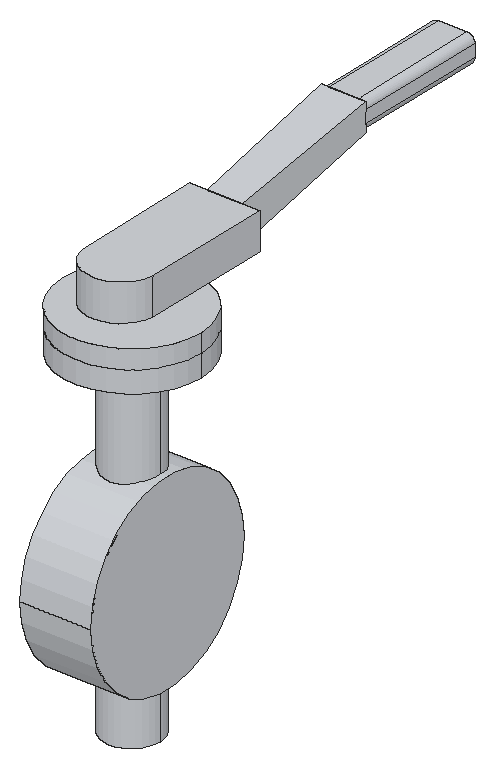
Revit family "HS497-67_disk-litina-s pákou DN080-RFA_2019", category Pipe Accessories, Revit 2019
Family settings
  Round Connector Dimension = Use Diameter
  Part Type = Valve - Breaks Into
  Work Plane-Based = No
  Always vertical = Yes
  Cut with Voids When Loaded = No
  Shared = No
Parameters (values of type "HS 497-67_DN080_PN16_s pákou")
  magiProductId = "e414795fab0f4eccb99bc3572c5477"
  magiProductFamilyId = "53cea81e6f374d17b8841d9c72ad77"
  magiPartTypeId = 305
  isMeasuringValve [instance] = no
  ang2D [instance] = 0.00°
  X11 = 61.456 mm
  X1 = 25.456 mm
  W2D = 1000 mm
  VersionID = "2.0/2017.9.26.1/ZETKAMA_497_001"
  Use Minimum Symbol Size [instance] = yes
  URL = "http://www.hydronix.cz"
  Type Comments = "mezipřírubová; litinový disk; PN16; -10~+110°C (krátkodobě +120°C)"
  SW30 = no
  SW3 = no
  SW21 = no
  SW20 = yes
  SW2 = yes
  SW1 = no
  R = 40 mm
  QmdConnectorList = "301;D;302;D"
  Productdata [instance] = ""
  NC = 50 mm
  Model = ""
  Manufacturer = "Hydronix"  # constant formula
  MM20 = 25.456 mm
  MC Product Code = "120 080 (litinový disk, s pákou; DN80; PN16, kvs258)"
  M41 = 66 mm
  M4 = 44 mm
  LHL = 260 mm
  LHH3 = 3 mm
  LHH1 = 57 mm
  LH1 = 86.667 mm
  L4R__ve = -L4R  # -12.8 mm
  L4R = 12.8 mm
  L42__ve = -L42  # -96 mm
  L42 = 96 mm
  L41__ve = -L41  # -19.2 mm
  L41 = 19.2 mm
  L2D_Min = 3048 mm
  L2D = 216 mm
  L2 = 23 mm
  L1 = 36.8 mm
  L = 46 mm
  H = 30 mm
  G22 = 11.25 mm
  G2 = 22.5 mm
  G1 = 90 mm
  G = 90 mm
  F = 11 mm
  E44 = 31.25 mm
  E42 = 62.5 mm
  E4 = 125 mm
  E23 = 6 mm
  E22 = 24 mm
  E21 = 12 mm
  Description = "Mezipřírubová uzavírací klapka s pákou; litinový disk, DN80; PN16; kvs258"
  DR2 = 40 mm
  DR = 124 mm
  DD1 = 15.625 mm
  DD = 12.5 mm
  D = 80 mm
  CAT0 = yes
  B2__ve = -B2  # -54 mm
  B2 = 54 mm
  A2 = 14.1 mm
  A1 = 86.9 mm
Types (43, lengths in mm): name | magiProductId | X11 | X1 | Type Comments | SW30 | SW3 | SW20 | SW2 | SW1 | R | NC | MM20 | MC Product Code | M41 | M4 | LHL | LHH3 | LHH1 | LH1 | L4R__ve | L4R | L42__ve | L42 | L41__ve | L41 | L2 | L1 | L | H | G | F | E44 | E42 | E4 | E23 | E22 | E21 | Description | DR2 | DR | DD1 | DD | D | B2__ve | B2 | A2 | A1
  HS 497-67_DN100_PN16_volné vřeteno | "65d1b245f4f142c78569c0602d5754" | 61.456 | 25.456 | "mezipřírubová; litinový disk; PN16; -10~+110°C (krátkodobě +120°C)" | no | no | no | no | yes | 50 | 50 | 25.456 | "123 100 (litinový disk, s volným vřetenem; DN100; PN16, kvs512)" | 66 | 44 | 220 | 2.45 | 46.55 | 73.333 | -12.8 | 12.8 | -96 | 96 | -19.2 | 19.2 | 26 | 41.6 | 52 | 30 | 90 | 11 | 31.25 | 62.5 | 125 | 4.9 | 19.6 | 9.8 | "Mezipřírubová uzavírací klapka s volným vřetenem; litinový disk, DN100; PN16; kvs512" | 50 | 147 | 15.625 | 12.5 | 100 | -56 | 56 | 16.5 | 98.5
  HS 497-67_DN100_PN16_převodové kolo | "11e91b807e674d428c8e796fcdcfe2" | 61.456 | 25.456 | "mezipřírubová; litinový disk; PN16; -10~+110°C (krátkodobě +120°C)" | yes | yes | no | no | no | 50 | 50 | 25.456 | "125 100 (litinový disk, s převodovým kolem; DN100; PN16, kvs512)" | 65.25 | 43.5 | 220 | 2.45 | 46.55 | 73.333 | -12.8 | 12.8 | -96 | 96 | -19.2 | 19.2 | 26 | 41.6 | 52 | 30 | 90 | 11 | 31.25 | 62.5 | 125 | 4.9 | 19.6 | 9.8 | "Mezipřírubová uzavírací klapka s převodovým kolem; litinový disk, DN100; PN16; kvs512" | 50 | 147 | 15.625 | 12.5 | 100 | -56 | 56 | 16.5 | 98.5
  HS 497-67_DN100_PN16_s pákou | "28172f0b3f4b47b28323ac71cf8749" | 61.456 | 25.456 | "mezipřírubová; litinový disk; PN16; -10~+110°C (krátkodobě +120°C)" | no | no | yes | yes | no | 50 | 50 | 25.456 | "120 100 (litinový disk, s pákou; DN100; PN16, kvs512)" | 66 | 44 | 260 | 3 | 57 | 86.667 | -12.8 | 12.8 | -96 | 96 | -19.2 | 19.2 | 26 | 41.6 | 52 | 30 | 90 | 11 | 31.25 | 62.5 | 125 | 6 | 24 | 12 | "Mezipřírubová uzavírací klapka s pákou; litinový disk, DN100; PN16; kvs512" | 50 | 147 | 15.625 | 12.5 | 100 | -56 | 56 | 16.5 | 98.5
  HS 497-67_DN125_PN16_volné vřeteno | "0d813d910fc14f628bb3c2efbd185c" | 61.456 | 25.456 | "mezipřírubová; litinový disk; PN16; -10~+110°C (krátkodobě +120°C)" | no | no | no | no | yes | 62.5 | 50 | 25.456 | "123 125 (litinový disk, s volným vřetenem; DN125; PN16, kvs872)" | 66 | 44 | 220 | 2.45 | 46.55 | 73.333 | -12.8 | 12.8 | -96 | 96 | -19.2 | 19.2 | 28 | 44.8 | 56 | 33 | 90 | 14 | 31.25 | 62.5 | 125 | 4.9 | 19.6 | 9.8 | "Mezipřírubová uzavírací klapka s volným vřetenem; litinový disk, DN125; PN16; kvs872" | 62.5 | 180 | 15.625 | 12.5 | 125 | -64 | 64 | 18 | 99.5
  HS 497-67_DN125_PN16_převodové kolo | "c56b7c13f372467684996fb1e0e229" | 61.456 | 25.456 | "mezipřírubová; litinový disk; PN16; -10~+110°C (krátkodobě +120°C)" | yes | yes | no | no | no | 62.5 | 50 | 25.456 | "125 125 (litinový disk, s převodovým kolem; DN125; PN16, kvs872)" | 65.25 | 43.5 | 220 | 2.45 | 46.55 | 73.333 | -13.5 | 13.5 | -101.25 | 101.25 | -20.25 | 20.25 | 28 | 44.8 | 56 | 33 | 90 | 14 | 40 | 80 | 160 | 4.9 | 19.6 | 9.8 | "Mezipřírubová uzavírací klapka s převodovým kolem; litinový disk, DN125; PN16; kvs872" | 62.5 | 180 | 20 | 16 | 125 | -64 | 64 | 18 | 99.5
  HS 497-67_DN125_PN16_s pákou | "105993c79a91492399feef7931321a" | 61.456 | 25.456 | "mezipřírubová; litinový disk; PN16; -10~+110°C (krátkodobě +120°C)" | no | no | yes | yes | no | 62.5 | 50 | 25.456 | "120 125 (litinový disk, s pákou; DN125; PN16, kvs872)" | 66 | 44 | 315 | 3.75 | 71.25 | 105 | -12.8 | 12.8 | -96 | 96 | -19.2 | 19.2 | 28 | 44.8 | 56 | 33 | 90 | 14 | 31.25 | 62.5 | 125 | 7.5 | 30 | 15 | "Mezipřírubová uzavírací klapka s pákou; litinový disk, DN125; PN16; kvs872" | 62.5 | 180 | 15.625 | 12.5 | 125 | -64 | 64 | 18 | 99.5
  HS 497-67_DN150_PN16_volné vřeteno | "50c80cb8ab434f55ab7796e5ac1331" | 61.456 | 25.456 | "mezipřírubová; litinový disk; PN16; -10~+110°C (krátkodobě +120°C)" | no | no | no | no | yes | 75 | 50 | 25.456 | "123 150 (litinový disk, s volným vřetenem; DN150; PN16, kvs1347)" | 66 | 44 | 220 | 2.45 | 46.55 | 73.333 | -12.8 | 12.8 | -96 | 96 | -19.2 | 19.2 | 28 | 44.8 | 56 | 33 | 90 | 14 | 31.25 | 62.5 | 125 | 4.9 | 19.6 | 9.8 | "Mezipřírubová uzavírací klapka s volným vřetenem; litinový disk, DN150; PN16; kvs1347" | 75 | 206 | 15.625 | 12.5 | 150 | -58 | 58 | 19.3 | 98.7
  HS 497-67_DN150_PN16_převodové kolo | "d94a1a0cf83b476eb10011b327f709" | 61.456 | 25.456 | "mezipřírubová; litinový disk; PN16; -10~+110°C (krátkodobě +120°C)" | yes | yes | no | no | no | 75 | 50 | 25.456 | "125 150 (litinový disk, s převodovým kolem; DN150; PN16, kvs1347)" | 65.25 | 43.5 | 220 | 2.45 | 46.55 | 73.333 | -13.5 | 13.5 | -101.25 | 101.25 | -20.25 | 20.25 | 28 | 44.8 | 56 | 33 | 90 | 14 | 40 | 80 | 160 | 4.9 | 19.6 | 9.8 | "Mezipřírubová uzavírací klapka s převodovým kolem; litinový disk, DN150; PN16; kvs1347" | 75 | 206 | 20 | 16 | 150 | -58 | 58 | 19.3 | 98.7
  HS 497-67_DN150_PN16_s pákou | "4d2835523fe84828bc50ff0a5a0dfb" | 61.456 | 25.456 | "mezipřírubová; litinový disk; PN16; -10~+110°C (krátkodobě +120°C)" | no | no | yes | yes | no | 75 | 50 | 25.456 | "120 150 (litinový disk, s pákou; DN150; PN16, kvs1347)" | 66 | 44 | 315 | 3.75 | 71.25 | 105 | -12.8 | 12.8 | -96 | 96 | -19.2 | 19.2 | 28 | 44.8 | 56 | 33 | 90 | 14 | 31.25 | 62.5 | 125 | 7.5 | 30 | 15 | "Mezipřírubová uzavírací klapka s pákou; litinový disk, DN150; PN16; kvs1347" | 75 | 206 | 15.625 | 12.5 | 150 | -58 | 58 | 19.3 | 98.7
  HS 497-67_DN200_PN16_volné vřeteno | "5b29029eaeba47139ee1055a4b9201" | 61.456 | 25.456 | "mezipřírubová; litinový disk; PN16; -10~+110°C (krátkodobě +120°C)" | no | no | no | no | yes | 100 | 50 | 25.456 | "123 200 (litinový disk, s volným vřetenem; DN200; PN16, kvs2675)" | 66 | 44 | 220 | 2.45 | 46.55 | 73.333 | -12.8 | 12.8 | -96 | 96 | -19.2 | 19.2 | 30 | 48 | 60 | 33 | 90 | 17 | 31.25 | 62.5 | 125 | 4.9 | 19.6 | 9.8 | "Mezipřírubová uzavírací klapka s volným vřetenem; litinový disk, DN200; PN16; kvs2675" | 100 | 257 | 15.625 | 12.5 | 200 | -70 | 70 | 22.5 | 102.5
  HS 497-67_DN200_PN16_převodové kolo | "b2793cc1fcc44cf2a35062cd67c04f" | 61.456 | 25.456 | "mezipřírubová; litinový disk; PN16; -10~+110°C (krátkodobě +120°C)" | yes | yes | no | no | no | 100 | 57 | 25.456 | "125 200 (litinový disk, s převodovým kolem; DN200; PN16, kvs2675)" | 78.75 | 52.5 | 220 | 2.45 | 46.55 | 73.333 | -15.2 | 15.2 | -114 | 114 | -22.8 | 22.8 | 30 | 48 | 60 | 33 | 90 | 17 | 50 | 100 | 200 | 4.9 | 19.6 | 9.8 | "Mezipřírubová uzavírací klapka s převodovým kolem; litinový disk, DN200; PN16; kvs2675" | 100 | 257 | 25 | 20 | 200 | -70 | 70 | 22.5 | 102.5
  HS 497-67_DN200_PN16_s pákou | "f88d96c7af224537a51e72d7d8fffe" | 61.456 | 25.456 | "mezipřírubová; litinový disk; PN16; -10~+110°C (krátkodobě +120°C)" | no | no | yes | yes | no | 100 | 50 | 25.456 | "120 200 (litinový disk, s pákou; DN200; PN16, kvs2675)" | 66 | 44 | 315 | 3.75 | 71.25 | 105 | -12.8 | 12.8 | -96 | 96 | -19.2 | 19.2 | 30 | 48 | 60 | 33 | 90 | 17 | 31.25 | 62.5 | 125 | 7.5 | 30 | 15 | "Mezipřírubová uzavírací klapka s pákou; litinový disk, DN200; PN16; kvs2675" | 100 | 257 | 15.625 | 12.5 | 200 | -70 | 70 | 22.5 | 102.5
  HS 497-67_DN250_PN16_volné vřeteno | "b662e8305ca2402b9c510e66e6aa55" | 88.77 | 36.77 | "mezipřírubová; litinový disk; PN16; -10~+110°C (krátkodobě +120°C)" | no | no | no | no | yes | 125 | 50 | 36.77 | "123 250 (litinový disk, s volným vřetenem; DN250; PN16, kvs4555)" | 66 | 44 | 220 | 2.45 | 46.55 | 73.333 | -12.8 | 12.8 | -96 | 96 | -19.2 | 19.2 | 34 | 54.4 | 68 | 23 | 130 | 22 | 31.25 | 62.5 | 125 | 4.9 | 19.6 | 9.8 | "Mezipřírubová uzavírací klapka s volným vřetenem; litinový disk, DN250; PN16; kvs4555" | 125 | 324 | 15.625 | 12.5 | 250 | -85 | 85 | 28.25 | 129.25
  HS 497-67_DN250_PN16_převodové kolo | "5ee9016806664ddfaa2632711f295c" | 88.77 | 36.77 | "mezipřírubová; litinový disk; PN16; -10~+110°C (krátkodobě +120°C)" | yes | yes | no | no | no | 125 | 70 | 36.77 | "125 250 (litinový disk, s převodovým kolem; DN250; PN16, kvs4555)" | 91.5 | 61 | 220 | 2.45 | 46.55 | 73.333 | -22.2 | 22.2 | -166.5 | 166.5 | -33.3 | 33.3 | 34 | 54.4 | 68 | 23 | 130 | 22 | 62.5 | 125 | 250 | 4.9 | 19.6 | 9.8 | "Mezipřírubová uzavírací klapka s převodovým kolem; litinový disk, DN250; PN16; kvs4555" | 125 | 324 | 31.25 | 25 | 250 | -85 | 85 | 28.25 | 129.25
  HS 497-67_DN300_PN16_volné vřeteno | "e1886f51ff004380a649519258edf2" | 88.77 | 36.77 | "mezipřírubová; litinový disk; PN16; -10~+110°C (krátkodobě +120°C)" | no | no | no | no | yes | 150 | 50 | 36.77 | "123 300 (litinový disk, s volným vřetenem; DN300; PN16, kvs7037)" | 66 | 44 | 220 | 2.45 | 46.55 | 73.333 | -12.8 | 12.8 | -96 | 96 | -19.2 | 19.2 | 39 | 62.4 | 78 | 23 | 130 | 22 | 31.25 | 62.5 | 125 | 4.9 | 19.6 | 9.8 | "Mezipřírubová uzavírací klapka s volným vřetenem; litinový disk, DN300; PN16; kvs7037" | 150 | 376 | 15.625 | 12.5 | 300 | -90 | 90 | 30.8 | 127.2
  HS 497-67_DN300_PN16_převodové kolo | "6860f094f77d42088fbebc3c97f755" | 88.77 | 36.77 | "mezipřírubová; litinový disk; PN16; -10~+110°C (krátkodobě +120°C)" | yes | yes | no | no | no | 150 | 70 | 36.77 | "125 300 (litinový disk, s převodovým kolem; DN300; PN16, kvs7037)" | 91.5 | 61 | 220 | 2.45 | 46.55 | 73.333 | -22.2 | 22.2 | -166.5 | 166.5 | -33.3 | 33.3 | 39 | 62.4 | 78 | 23 | 130 | 22 | 62.5 | 125 | 250 | 4.9 | 19.6 | 9.8 | "Mezipřírubová uzavírací klapka s převodovým kolem; litinový disk, DN300; PN16; kvs7037" | 150 | 376 | 31.25 | 25 | 300 | -90 | 90 | 30.8 | 127.2
  HS 497-67_DN032_PN16_volné vřeteno | "8c5f65de52aa4067a77564107e31b2" | 61.456 | 25.456 | "mezipřírubová; litinový disk; PN16; -10~+110°C (krátkodobě +120°C)" | no | no | no | no | yes | 16 | 50 | 25.456 | "123 032 (litinový disk, s volným vřetenem; DN32; PN16, kvs78)" | 66 | 44 | 220 | 2.45 | 46.55 | 73.333 | -12.8 | 12.8 | -96 | 96 | -19.2 | 19.2 | 16.5 | 26.4 | 33 | 30 | 90 | 11 | 31.25 | 62.5 | 125 | 4.9 | 19.6 | 9.8 | "Mezipřírubová uzavírací klapka s volným vřetenem; litinový disk, DN32; PN16; kvs78" | 16 | 68 | 15.625 | 12.5 | 32 | -44.2 | 44.2 | 10.25 | 76.25
  HS 497-67_DN032_PN16_převodové kolo | "60aaeffa8b3a4e809ef000e4660060" | 61.456 | 25.456 | "mezipřírubová; litinový disk; PN16; -10~+110°C (krátkodobě +120°C)" | yes | yes | no | no | no | 16 | 50 | 25.456 | "125 032 (litinový disk, s převodovým kolem; DN32; PN16, kvs78)" | 65.25 | 43.5 | 220 | 2.45 | 46.55 | 73.333 | -12.8 | 12.8 | -96 | 96 | -19.2 | 19.2 | 16.5 | 26.4 | 33 | 30 | 90 | 11 | 31.25 | 62.5 | 125 | 4.9 | 19.6 | 9.8 | "Mezipřírubová uzavírací klapka s převodovým kolem; litinový disk, DN32; PN16; kvs78" | 16 | 68 | 15.625 | 12.5 | 32 | -44.2 | 44.2 | 10.25 | 76.25
  HS 497-67_DN032_PN16_s pákou | "9ad8088d610749a1b871aa2aad8007" | 61.456 | 25.456 | "mezipřírubová; litinový disk; PN16; -10~+110°C (krátkodobě +120°C)" | no | no | yes | yes | no | 16 | 50 | 25.456 | "120 032 (litinový disk, s pákou; DN32; PN16, kvs78)" | 66 | 44 | 220 | 2.45 | 46.55 | 73.333 | -12.8 | 12.8 | -96 | 96 | -19.2 | 19.2 | 16.5 | 26.4 | 33 | 30 | 90 | 11 | 31.25 | 62.5 | 125 | 4.9 | 19.6 | 9.8 | "Mezipřírubová uzavírací klapka s pákou; litinový disk, DN32; PN16; kvs78" | 16 | 68 | 15.625 | 12.5 | 32 | -44.2 | 44.2 | 10.25 | 76.25
  HS 497-67_DN350_PN10_volné vřeteno | "72a1e05f22944421b7e9596a877137" | 109.255 | 45.255 | "mezipřírubová; litinový disk; PN10; -10~+110°C (krátkodobě +120°C)" | no | no | no | no | yes | 175 | 50 | 45.255 | "123 350 (litinový disk, s volným vřetenem; DN350; PN10, kvs10165)" | 66 | 44 | 220 | 2.45 | 46.55 | 73.333 | -12.8 | 12.8 | -96 | 96 | -19.2 | 19.2 | 39 | 62.4 | 78 | 31 | 160 | 22 | 31.25 | 62.5 | 125 | 4.9 | 19.6 | 9.8 | "Mezipřírubová uzavírací klapka s volným vřetenem; litinový disk, DN350; PN10; kvs10165" | 175 | 430 | 15.625 | 12.5 | 350 | -88 | 88 | 33.85 | 129.65
  HS 497-67_DN350_PN10_převodové kolo | "a5a01426cb28494ba3afca92f1dace" | 109.255 | 45.255 | "mezipřírubová; litinový disk; PN10; -10~+110°C (krátkodobě +120°C)" | yes | yes | no | no | no | 175 | 70 | 45.255 | "125 350 (litinový disk, s převodovým kolem; DN350; PN10, kvs10165)" | 91.5 | 61 | 220 | 2.45 | 46.55 | 73.333 | -22.2 | 22.2 | -166.5 | 166.5 | -33.3 | 33.3 | 39 | 62.4 | 78 | 31 | 160 | 22 | 62.5 | 125 | 250 | 4.9 | 19.6 | 9.8 | "Mezipřírubová uzavírací klapka s převodovým kolem; litinový disk, DN350; PN10; kvs10165" | 175 | 430 | 31.25 | 25 | 350 | -88 | 88 | 33.85 | 129.65
  HS 497-67_DN400_PN10_volné vřeteno | "c70ebeb927c04ab99b176e257ad0a7" | 109.255 | 45.255 | "mezipřírubová; litinový disk; PN10; -10~+110°C (krátkodobě +120°C)" | no | no | no | no | yes | 200 | 50 | 45.255 | "123 400 (litinový disk, s volným vřetenem; DN400; PN10, kvs13799)" | 66 | 44 | 220 | 2.45 | 46.55 | 73.333 | -12.8 | 12.8 | -96 | 96 | -19.2 | 19.2 | 51 | 81.6 | 102 | 31 | 160 | 27 | 31.25 | 62.5 | 125 | 4.9 | 19.6 | 9.8 | "Mezipřírubová uzavírací klapka s volným vřetenem; litinový disk, DN400; PN10; kvs13799" | 200 | 485 | 15.625 | 12.5 | 400 | -108 | 108 | 38 | 142
  HS 497-67_DN400_PN10_převodové kolo | "cc64a4384dcb41b780d81810f4f293" | 109.255 | 45.255 | "mezipřírubová; litinový disk; PN10; -10~+110°C (krátkodobě +120°C)" | yes | yes | no | no | no | 200 | 72.5 | 45.255 | "125 400 (litinový disk, s převodovým kolem; DN400; PN10, kvs13799)" | 103.5 | 69 | 220 | 2.45 | 46.55 | 73.333 | -27.8 | 27.8 | -208.5 | 208.5 | -41.7 | 41.7 | 51 | 81.6 | 102 | 31 | 160 | 27 | 75 | 150 | 300 | 4.9 | 19.6 | 9.8 | "Mezipřírubová uzavírací klapka s převodovým kolem; litinový disk, DN400; PN10; kvs13799" | 200 | 485 | 37.5 | 30 | 400 | -108 | 108 | 38 | 142
  HS 497-67_DN040_PN16_volné vřeteno | "35f92312390745e88df5b5c325d9ee" | 61.456 | 25.456 | "mezipřírubová; litinový disk; PN16; -10~+110°C (krátkodobě +120°C)" | no | no | no | no | yes | 20 | 50 | 25.456 | "123 040 (litinový disk, s volným vřetenem; DN40; PN16, kvs78)" | 66 | 44 | 220 | 2.45 | 46.55 | 73.333 | -12.8 | 12.8 | -96 | 96 | -19.2 | 19.2 | 16.5 | 26.4 | 33 | 30 | 90 | 11 | 31.25 | 62.5 | 125 | 4.9 | 19.6 | 9.8 | "Mezipřírubová uzavírací klapka s volným vřetenem; litinový disk, DN40; PN16; kvs78" | 20 | 76 | 15.625 | 12.5 | 40 | -36 | 36 | 11 | 79
  HS 497-67_DN040_PN16_převodové kolo | "d88e968eae3445bc9b7b4e6ff35127" | 61.456 | 25.456 | "mezipřírubová; litinový disk; PN16; -10~+110°C (krátkodobě +120°C)" | yes | yes | no | no | no | 20 | 50 | 25.456 | "125 040 (litinový disk, s převodovým kolem; DN40; PN16, kvs78)" | 65.25 | 43.5 | 220 | 2.45 | 46.55 | 73.333 | -12.8 | 12.8 | -96 | 96 | -19.2 | 19.2 | 16.5 | 26.4 | 33 | 30 | 90 | 11 | 31.25 | 62.5 | 125 | 4.9 | 19.6 | 9.8 | "Mezipřírubová uzavírací klapka s převodovým kolem; litinový disk, DN40; PN16; kvs78" | 20 | 76 | 15.625 | 12.5 | 40 | -36 | 36 | 11 | 79
  HS 497-67_DN040_PN16_s pákou | "c1b522ca65b4407a98818f232eaacb" | 61.456 | 25.456 | "mezipřírubová; litinový disk; PN16; -10~+110°C (krátkodobě +120°C)" | no | no | yes | yes | no | 20 | 50 | 25.456 | "120 040 (litinový disk, s pákou; DN40; PN16, kvs78)" | 66 | 44 | 220 | 2.45 | 46.55 | 73.333 | -12.8 | 12.8 | -96 | 96 | -19.2 | 19.2 | 16.5 | 26.4 | 33 | 30 | 90 | 11 | 31.25 | 62.5 | 125 | 4.9 | 19.6 | 9.8 | "Mezipřírubová uzavírací klapka s pákou; litinový disk, DN40; PN16; kvs78" | 20 | 76 | 15.625 | 12.5 | 40 | -36 | 36 | 11 | 79
  HS 497-67_DN450_PN10_volné vřeteno | "a8358bc282f14872b3194e530e590a" | 129.74 | 53.74 | "mezipřírubová; litinový disk; PN10; -10~+110°C (krátkodobě +120°C)" | no | no | no | no | yes | 225 | 50 | 53.74 | "123 450 (litinový disk, s volným vřetenem; DN450; PN10, kvs18514)" | 66 | 44 | 220 | 2.45 | 46.55 | 73.333 | -12.8 | 12.8 | -96 | 96 | -19.2 | 19.2 | 57 | 91.2 | 114 | 38 | 190 | 36 | 31.25 | 62.5 | 125 | 4.9 | 19.6 | 9.8 | "Mezipřírubová uzavírací klapka s volným vřetenem; litinový disk, DN450; PN10; kvs18514" | 225 | 536 | 15.625 | 12.5 | 450 | -115 | 115 | 38.05 | 117.45
  HS 497-67_DN450_PN10_převodové kolo | "cdf2d80f54a9414f9cbe50647c0ebd" | 129.74 | 53.74 | "mezipřírubová; litinový disk; PN10; -10~+110°C (krátkodobě +120°C)" | yes | yes | no | no | no | 225 | 91.5 | 53.74 | "125 450 (litinový disk, s převodovým kolem; DN450; PN10, kvs18514)" | 144.75 | 96.5 | 220 | 2.45 | 46.55 | 73.333 | -32.1 | 32.1 | -240.75 | 240.75 | -48.15 | 48.15 | 57 | 91.2 | 114 | 38 | 190 | 36 | 100 | 200 | 400 | 4.9 | 19.6 | 9.8 | "Mezipřírubová uzavírací klapka s převodovým kolem; litinový disk, DN450; PN10; kvs18514" | 225 | 536 | 50 | 40 | 450 | -115 | 115 | 38.05 | 117.45
  HS 497-67_DN500_PN10_volné vřeteno | "8c396e27bb2743f98f3c762b6517cd" | 143.397 | 59.397 | "mezipřírubová; litinový disk; PN10; -10~+110°C (krátkodobě +120°C)" | no | no | no | no | yes | 250 | 50 | 59.397 | "123 500 (litinový disk, s volným vřetenem; DN500; PN10, kvs23805)" | 66 | 44 | 220 | 2.45 | 46.55 | 73.333 | -12.8 | 12.8 | -96 | 96 | -19.2 | 19.2 | 63.5 | 101.6 | 127 | 38 | 210 | 36 | 31.25 | 62.5 | 125 | 4.9 | 19.6 | 9.8 | "Mezipřírubová uzavírací klapka s volným vřetenem; litinový disk, DN500; PN10; kvs23805" | 250 | 593 | 15.625 | 12.5 | 500 | -130 | 130 | 43.25 | 139.25
  HS 497-67_DN500_PN10_převodové kolo | "7647804f32e94cef828a7034a91a46" | 143.397 | 59.397 | "mezipřírubová; litinový disk; PN10; -10~+110°C (krátkodobě +120°C)" | yes | yes | no | no | no | 250 | 91.5 | 59.397 | "125 500 (litinový disk, s převodovým kolem; DN500; PN10, kvs23805)" | 144.75 | 96.5 | 220 | 2.45 | 46.55 | 73.333 | -32.1 | 32.1 | -240.75 | 240.75 | -48.15 | 48.15 | 63.5 | 101.6 | 127 | 38 | 210 | 36 | 100 | 200 | 400 | 4.9 | 19.6 | 9.8 | "Mezipřírubová uzavírací klapka s převodovým kolem; litinový disk, DN500; PN10; kvs23805" | 250 | 593 | 50 | 40 | 500 | -130 | 130 | 43.25 | 139.25
  HS 497-67_DN050_PN16_volné vřeteno | "d71f296ecd6d4adf8f6e5d9853b4e0" | 61.456 | 25.456 | "mezipřírubová; litinový disk; PN16; -10~+110°C (krátkodobě +120°C)" | no | no | no | no | yes | 25 | 50 | 25.456 | "123 050 (litinový disk, s volným vřetenem; DN50; PN16, kvs98)" | 66 | 44 | 220 | 2.45 | 46.55 | 73.333 | -12.8 | 12.8 | -96 | 96 | -19.2 | 19.2 | 21.5 | 34.4 | 43 | 30 | 90 | 11 | 31.25 | 62.5 | 125 | 4.9 | 19.6 | 9.8 | "Mezipřírubová uzavírací klapka s volným vřetenem; litinový disk, DN50; PN16; kvs98" | 25 | 100 | 15.625 | 12.5 | 50 | -36.5 | 36.5 | 12 | 83
  HS 497-67_DN050_PN16_převodové kolo | "2fb080deeaed49c58418b94c1da5a4" | 61.456 | 25.456 | "mezipřírubová; litinový disk; PN16; -10~+110°C (krátkodobě +120°C)" | yes | yes | no | no | no | 25 | 50 | 25.456 | "125 050 (litinový disk, s převodovým kolem; DN50; PN16, kvs98)" | 65.25 | 43.5 | 220 | 2.45 | 46.55 | 73.333 | -12.8 | 12.8 | -96 | 96 | -19.2 | 19.2 | 21.5 | 34.4 | 43 | 30 | 90 | 11 | 31.25 | 62.5 | 125 | 4.9 | 19.6 | 9.8 | "Mezipřírubová uzavírací klapka s převodovým kolem; litinový disk, DN50; PN16; kvs98" | 25 | 100 | 15.625 | 12.5 | 50 | -36.5 | 36.5 | 12 | 83
  HS 497-67_DN050_PN16_s pákou | "dabc632061f94877a994b9b4e68112" | 61.456 | 25.456 | "mezipřírubová; litinový disk; PN16; -10~+110°C (krátkodobě +120°C)" | no | no | yes | yes | no | 25 | 50 | 25.456 | "120 050 (litinový disk, s pákou; DN50; PN16, kvs98)" | 66 | 44 | 220 | 2.45 | 46.55 | 73.333 | -12.8 | 12.8 | -96 | 96 | -19.2 | 19.2 | 21.5 | 34.4 | 43 | 30 | 90 | 11 | 31.25 | 62.5 | 125 | 4.9 | 19.6 | 9.8 | "Mezipřírubová uzavírací klapka s pákou; litinový disk, DN50; PN16; kvs98" | 25 | 100 | 15.625 | 12.5 | 50 | -36.5 | 36.5 | 12 | 83
  HS 497-67_DN600_PN10_volné vřeteno | "99d5892c14664fce81a7c5903f7711" | 143.397 | 59.397 | "mezipřírubová; litinový disk; PN10; -10~+110°C (krátkodobě +120°C)" | no | no | no | no | yes | 300 | 50 | 59.397 | "123 600 (litinový disk, s volným vřetenem; DN600; PN10, kvs36778)" | 66 | 44 | 220 | 2.45 | 46.55 | 73.333 | -12.8 | 12.8 | -96 | 96 | -19.2 | 19.2 | 77 | 123.2 | 154 | 80 | 210 | 60 | 31.25 | 62.5 | 125 | 4.9 | 19.6 | 9.8 | "Mezipřírubová uzavírací klapka s volným vřetenem; litinový disk, DN600; PN10; kvs36788" | 300 | 690 | 15.625 | 12.5 | 600 | -140 | 140 | 49.4 | 144.6
  HS 497-67_DN600_PN10_převodové kolo | "b1e26faab48a4c499f6bb11e7e3002" | 143.397 | 59.397 | "mezipřírubová; litinový disk; PN10; -10~+110°C (krátkodobě +120°C)" | yes | yes | no | no | no | 300 | 140 | 59.397 | "125 600 (litinový disk, s převodovým kolem; DN600; PN10, kvs36778)" | 206.25 | 137.5 | 220 | 2.45 | 46.55 | 73.333 | -40.8 | 40.8 | -306 | 306 | -61.2 | 61.2 | 77 | 123.2 | 154 | 80 | 210 | 60 | 125 | 250 | 500 | 4.9 | 19.6 | 9.8 | "Mezipřírubová uzavírací klapka s převodovým kolem; litinový disk, DN600; PN10; kvs36788" | 300 | 690 | 62.5 | 50 | 600 | -140 | 140 | 49.4 | 144.6
  HS 497-67_DN065_PN16_volné vřeteno | "5e5e208646e34ec29f889baab5d08e" | 61.456 | 25.456 | "mezipřírubová; litinový disk; PN16; -10~+110°C (krátkodobě +120°C)" | no | no | no | no | yes | 32.5 | 50 | 25.456 | "123 065 (litinový disk, s volným vřetenem; DN65; PN16, kvs167)" | 66 | 44 | 220 | 2.45 | 46.55 | 73.333 | -12.8 | 12.8 | -96 | 96 | -19.2 | 19.2 | 23 | 36.8 | 46 | 30 | 90 | 11 | 31.25 | 62.5 | 125 | 4.9 | 19.6 | 9.8 | "Mezipřírubová uzavírací klapka s volným vřetenem; litinový disk, DN65; PN16; kv167" | 32.5 | 108 | 15.625 | 12.5 | 65 | -36.5 | 36.5 | 13.5 | 89
  HS 497-67_DN065_PN16_převodové kolo | "654d74c8d15540b0bfe523d988ccb3" | 61.456 | 25.456 | "mezipřírubová; litinový disk; PN16; -10~+110°C (krátkodobě +120°C)" | yes | yes | no | no | no | 32.5 | 50 | 25.456 | "125 065 (litinový disk, s převodovým kolem; DN65; PN16, kvs167)" | 65.25 | 43.5 | 220 | 2.45 | 46.55 | 73.333 | -12.8 | 12.8 | -96 | 96 | -19.2 | 19.2 | 23 | 36.8 | 46 | 30 | 90 | 11 | 31.25 | 62.5 | 125 | 4.9 | 19.6 | 9.8 | "Mezipřírubová uzavírací klapka s převodovým kolem; litinový disk, DN65; PN16; kvs167" | 32.5 | 108 | 15.625 | 12.5 | 65 | -36.5 | 36.5 | 13.5 | 89
  HS 497-67_DN065_PN16_s pákou | "ebeb4b59db0641caaf6d6635ab37b9" | 61.456 | 25.456 | "mezipřírubová; litinový disk; PN16; -10~+110°C (krátkodobě +120°C)" | no | no | yes | yes | no | 32.5 | 50 | 25.456 | "120 065 (litinový disk, s pákou; DN65; PN16, kvs167)" | 66 | 44 | 220 | 2.45 | 46.55 | 73.333 | -12.8 | 12.8 | -96 | 96 | -19.2 | 19.2 | 23 | 36.8 | 46 | 30 | 90 | 11 | 31.25 | 62.5 | 125 | 4.9 | 19.6 | 9.8 | "Mezipřírubová uzavírací klapka s pákou; litinový disk, DN65; PN16; kvs167" | 32.5 | 108 | 15.625 | 12.5 | 65 | -36.5 | 36.5 | 13.5 | 89
  HS 497-67_DN080_PN16_volné vřeteno | "9e85c75c18654e1185a9c48ed6b00e" | 61.456 | 25.456 | "mezipřírubová; litinový disk; PN16; -10~+110°C (krátkodobě +120°C)" | no | no | no | no | yes | 40 | 50 | 25.456 | "123 080 (litinový disk, s volným vřetenem; DN80; PN16, kvs258)" | 66 | 44 | 220 | 2.45 | 46.55 | 73.333 | -12.8 | 12.8 | -96 | 96 | -19.2 | 19.2 | 23 | 36.8 | 46 | 30 | 90 | 11 | 31.25 | 62.5 | 125 | 4.9 | 19.6 | 9.8 | "Mezipřírubová uzavírací klapka s volným vřetenem; litinový disk, DN80; PN16; kvs258" | 40 | 124 | 15.625 | 12.5 | 80 | -54 | 54 | 14.1 | 86.9
  HS 497-67_DN080_PN16_převodové kolo | "5b3c8238c3d041e68c75b199e7ea46" | 61.456 | 25.456 | "mezipřírubová; litinový disk; PN16; -10~+110°C (krátkodobě +120°C)" | yes | yes | no | no | no | 40 | 50 | 25.456 | "125 080 (litinový disk, s převodovým kolem; DN80; PN16, kvs258)" | 65.25 | 43.5 | 220 | 2.45 | 46.55 | 73.333 | -12.8 | 12.8 | -96 | 96 | -19.2 | 19.2 | 23 | 36.8 | 46 | 30 | 90 | 11 | 31.25 | 62.5 | 125 | 4.9 | 19.6 | 9.8 | "Mezipřírubová uzavírací klapka s převodovým kolem; litinový disk, DN80; PN16; kvs258" | 40 | 124 | 15.625 | 12.5 | 80 | -54 | 54 | 14.1 | 86.9
  HS 497-67_DN080_PN16_s pákou | "e414795fab0f4eccb99bc3572c5477" | 61.456 | 25.456 | "mezipřírubová; litinový disk; PN16; -10~+110°C (krátkodobě +120°C)" | no | no | yes | yes | no | 40 | 50 | 25.456 | "120 080 (litinový disk, s pákou; DN80; PN16, kvs258)" | 66 | 44 | 260 | 3 | 57 | 86.667 | -12.8 | 12.8 | -96 | 96 | -19.2 | 19.2 | 23 | 36.8 | 46 | 30 | 90 | 11 | 31.25 | 62.5 | 125 | 6 | 24 | 12 | "Mezipřírubová uzavírací klapka s pákou; litinový disk, DN80; PN16; kvs258" | 40 | 124 | 15.625 | 12.5 | 80 | -54 | 54 | 14.1 | 86.9
  HS 497-67_DN250_PN16_s pákou | "" | 88.77 | 36.77 | "mezipřírubová; litinový disk; PN16; -10~+110°C (krátkodobě +120°C)" | no | no | yes | yes | no | 125 | 70 | 36.77 | "120 250 (litinový disk, s pákou; DN250; PN16, kvs4555)" | 91.5 | 61 | 220 | 2.45 | 46.55 | 73.333 | -22.2 | 22.2 | -166.5 | 166.5 | -33.3 | 33.3 | 34 | 54.4 | 68 | 23 | 130 | 22 | 62.5 | 125 | 250 | 4.9 | 19.6 | 9.8 | "Mezipřírubová uzavírací klapka s pákou; litinový disk, DN250; PN16; kvs4555" | 125 | 324 | 31.25 | 25 | 250 | -85 | 85 | 28.25 | 129.25
  HS 497-67_DN300_PN16_s pákou | "" | 88.77 | 36.77 | "mezipřírubová; litinový disk; PN16; -10~+110°C (krátkodobě +120°C)" | no | no | yes | yes | no | 150 | 70 | 36.77 | "120 300 (litinový disk, s pákou; DN300; PN16, kvs7037)" | 91.5 | 61 | 220 | 2.45 | 46.55 | 73.333 | -22.2 | 22.2 | -166.5 | 166.5 | -33.3 | 33.3 | 39 | 62.4 | 78 | 23 | 130 | 22 | 62.5 | 125 | 250 | 4.9 | 19.6 | 9.8 | "Mezipřírubová uzavírací klapka s pákou; litinový disk, DN300; PN16; kvs7037" | 150 | 376 | 31.25 | 25 | 300 | -90 | 90 | 30.8 | 127.2
Reference planes
  plane 1 "Center (Front/Back)": y = 0
  plane 2 "XYPLANE": z = 0
  plane 3 "Center (Left/Right)": x = 0
  plane 4 "473": x = -25.456
  plane 5 "472": x = -66
  plane 6 "471": y = -25.456
  plane 7 "470": y = 25.456
  plane 8 "469": x = -44
  plane 9 "468": y = -115.2
  plane 10 "467": y = -96
  plane 11 "466": z = 172.25
  plane 12 "465": z = 198
  plane 13 "464": y = 172.083
  plane 14 "463": z = 186
  plane 15 "462": z = 165
  plane 16 "461": z = 177
  plane 17 "460": y = 85.417
  plane 18 "459": x = -11.25
  plane 19 "458": x = 11.25
  plane 20 "457": y = -6.25
  plane 21 "456": x = -17.5
  plane 22 "455": x = 17.5
  plane 23 "454": z = 183
  plane 24 "453": y = 75.417
  plane 25 "452": y = -11.25
  plane 26 "451": x = -22.5
  plane 27 "450": x = 22.5
  plane 28 "449": z = 159
  plane 29 "448": z = 153
  plane 30 "447": z = -40
  plane 31 "446": z = 141
  plane 32 "445": z = 126.9
  plane 33 "444": z = 40
  plane 34 "443": x = 23
  plane 35 "442": x = -23
  plane 36 "441": z = 0
  plane 37 "440": y = 0
  plane 38 "439": x = 0
  plane 39 "438": z = 201
  plane 40 "437": z = 183
  plane 41 "436": x = 14.25
  plane 42 "435": x = -14.25
  plane 43 "434": y = 260
Forms (mm)
  Extrusion 1, solid, visible <- "SW3"
    sketch origin (-750, 0, 141) x (1, 0, 0) y (0, 1, 0)
      loop
        line (684, 25.456) -> (684, -25.456) -> (724.544, -25.456)
        arc (724.544, -25.456) -> (786, 0) -> (724.544, 25.456) r 36
        line (724.544, 25.456) -> (684, 25.456)
    from 0 to 62.5 <- "E42"
  Extrusion 2, solid, visible <- "SW30"
    sketch origin (0, -750, 0) x (0, 1, 0) y (0, 0, 1)
      loop
        circle (750, 172.25) r 7.813
    from 0 to 50 <- "NC"
  Extrusion 3, solid, visible <- "SW30"
    sketch origin (750, -115.2, 0) x (-1, 0, 0) y (0, 0, 1)
      loop
        circle (794, 172.25) r 62.5
    from 0 to -12.8 <- "L4R__ve"
  Extrusion 4, solid, visible <- "SW3"
    sketch origin (750, -96, 0) x (-1, 0, 0) y (0, 0, 1)
      loop
        circle (794, 172.25) r 7.813
    from 0 to -19.2 <- "L41__ve"
  Extrusion 5, solid, visible <- "SW30"
    sketch origin (750, 0, 0) x (-1, 0, 0) y (0, 0, 1)
      loop
        circle (794, 172.25) r 6.25
    from 0 to -96 <- "L42__ve"
  Blend 6, solid, visible <- "SW21"
    base sketch origin (750, 85.417, 0) x (-1, 0, 0) y (0, 0, 1)
      loop
        line (761.25, 177) -> (738.75, 177) -> (738.75, 165) -> (761.25, 165) -> (761.25, 177)
    top sketch origin (750, 85.417, 0) x (-1, 0, 0) y (0, 0, 1)
      loop
        line (761.25, 198) -> (738.75, 198) -> (738.75, 186) -> (761.25, 186) -> (761.25, 198)
    from 0 to 86.667
  Blend 7, solid, visible <- "SW21"
    base sketch origin (750, 75.417, 0) x (-1, 0, 0) y (0, 0, 1)
      loop
        line (761.25, 183) -> (738.75, 183) -> (738.75, 159) -> (761.25, 159) -> (761.25, 183)
    top sketch origin (750, 75.417, 0) x (-1, 0, 0) y (0, 0, 1)
      loop
        line (761.25, 177) -> (738.75, 177) -> (738.75, 165) -> (761.25, 165) -> (761.25, 177)
    from 0 to 10
  Blend 8, solid, visible <- "SW21"
    base sketch origin (-750, 0, 159) x (1, 0, 0) y (0, 1, 0)
      loop
        line (772.5, 75.417) -> (727.5, 75.417) -> (727.5, -11.25)
        arc (727.5, -11.25) -> (750, -31.25) -> (772.5, -11.25) r 22.656
        line (772.5, -11.25) -> (772.5, 75.417)
    top sketch origin (-750, 0, 159) x (1, 0, 0) y (0, 1, 0)
      loop
        line (767.5, 75.417) -> (732.5, 75.417) -> (732.5, -6.25)
        arc (732.5, -6.25) -> (750, -26.25) -> (767.5, -6.25) r 17.656
        line (767.5, -6.25) -> (767.5, 75.417)
    from 0 to 24
  Extrusion 9, solid, visible <- "SW2"
    sketch origin (-750, 0, 153) x (1, 0, 0) y (0, 1, 0)
      loop
        circle (750, 0) r 11.25
    from 0 to 6 <- "E23"
  Extrusion 10, solid, visible <- "SW2"
    sketch origin (-750, 0, 141) x (1, 0, 0) y (0, 1, 0)
      loop
        circle (750, 0) r 45
    from 0 to 12 <- "E21"
  Extrusion 11, solid, visible <- "CAT0"
    sketch origin (-750, 0, -40) x (1, 0, 0) y (0, 1, 0)
      loop
        circle (750, 0) r 18.4
    from 0 to -54 <- "B2__ve"
  Extrusion 12, solid, visible <- "CAT0"
    sketch origin (-750, 0, 126.9) x (1, 0, 0) y (0, 1, 0)
      loop
        circle (750, 0) r 45
    from 0 to 14.1 <- "A2"
  Extrusion 13, solid, visible <- "CAT0"
    sketch origin (-750, 0, 40) x (1, 0, 0) y (0, 1, 0)
      loop
        circle (750, 0) r 18.4
    from 0 to 86.9 <- "A1"
  Extrusion 14, solid, visible <- "CAT0"
    sketch origin (-23, -750, 0) x (0, 1, 0) y (0, 0, 1)
      loop
        circle (750, 0) r 62
    from 0 to 46 <- "L"
  Extrusion 15, solid, visible <- "SW1"
    sketch origin (-750, 0, 141) x (1, 0, 0) y (0, 1, 0)
      loop
        line (755.5, 5.5) -> (744.5, 5.5) -> (744.5, -5.5) -> (755.5, -5.5) -> (755.5, 5.5)
    from 0 to 30 <- "H"
  Blend 16, solid, visible <- "SW2"
    base sketch origin (750, 172.083, 0) x (-1, 0, 0) y (0, 0, 1)
      loop
        arc (764.25, 196) -> (762.786, 199.536) -> (759.25, 201) r 5
        line (759.25, 201) -> (740.75, 201)
        arc (740.75, 201) -> (737.214, 199.536) -> (735.75, 196) r 5
        line (735.75, 196) -> (735.75, 188)
        arc (735.75, 188) -> (737.214, 184.464) -> (740.75, 183) r 5
        line (740.75, 183) -> (759.25, 183)
        arc (759.25, 183) -> (762.786, 184.464) -> (764.25, 188) r 5
        line (764.25, 188) -> (764.25, 196)
    top sketch origin (750, 172.083, 0) x (-1, 0, 0) y (0, 0, 1)
      loop
        arc (764.25, 196) -> (762.786, 199.536) -> (759.25, 201) r 5
        line (759.25, 201) -> (740.75, 201)
        arc (740.75, 201) -> (737.214, 199.536) -> (735.75, 196) r 5
        line (735.75, 196) -> (735.75, 188)
        arc (735.75, 188) -> (737.214, 184.464) -> (740.75, 183) r 5
        line (740.75, 183) -> (759.25, 183)
        arc (759.25, 183) -> (762.786, 184.464) -> (764.25, 188) r 5
        line (764.25, 188) -> (764.25, 196)
    from 0 to 87.917
  Blend 17, solid, visible <- "SW20"
    base sketch origin (750, 172.083, 0) x (-1, 0, 0) y (0, 0, 1)
      loop
        line (764.25, 201) -> (735.75, 201) -> (735.75, 183) -> (764.25, 183) -> (764.25, 201)
    top sketch origin (750, 172.083, 0) x (-1, 0, 0) y (0, 0, 1)
      loop
        line (761.25, 183) -> (738.75, 183) -> (738.75, 159) -> (761.25, 159) -> (761.25, 183)
    from 0 to -96.667
  Extrusion 18, solid, visible <- "SW20"
    sketch origin (-750, 0, 159) x (1, 0, 0) y (0, 1, 0)
      loop
        line (772.5, 75.417) -> (727.5, 75.417) -> (727.5, -11.25)
        arc (727.5, -11.25) -> (750, -31.25) -> (772.5, -11.25) r 22.656
        line (772.5, -11.25) -> (772.5, 75.417)
    from 0 to 24 <- "E22"
  Extrusion 19, solid, not visible
    sketch origin (-23, -750, 0) x (0, 1, 0) y (0, 0, 1)
      loop
        circle (750, 0) r 10
    from 0 to 10
  Extrusion 20, solid, not visible
    sketch origin (23, -750, 0) x (0, 1, 0) y (0, 0, 1)
      loop
        circle (750, 0) r 10
    from 0 to -10
Lines and regions (mm)
  reference lines, not visible
    curve 1: circle (2, 2, 0) r 1 normal (0, 0, 1)
  reference lines
    curve 2: line (-25.456, -25.456, 141) -> (-25.456, 25.456, 141)
    curve 3: line (-17.5, -6.25, 159) -> (17.5, -6.25, 159)
    curve 4: line (-22.5, -11.25, 159) -> (22.5, -11.25, 159)
    curve 5: circle (0, 0, 141) r 1 normal (0, 0, 1)
    curve 6: line (-22.5, -11.25, 159) -> (22.5, -11.25, 159)
Dimensions and locks
  plane 1 "Center (Front/Back)" to curve 1 = 2 mm
  "X1": plane 3 "Center (Left/Right)" to plane 4 "473"
  "M41": plane 3 "Center (Left/Right)" to plane 5 "472"
  "MM20": plane 1 "Center (Front/Back)" to plane 6 "471"
  "MM20": plane 1 "Center (Front/Back)" to plane 7 "470"
  "M4": plane 3 "Center (Left/Right)" to plane 8 "469"
  "L41": plane 10 "467" to plane 9 "468"
  "L42": plane 1 "Center (Front/Back)" to plane 10 "467"
  "E44": plane 31 "446" to plane 11 "466"
  "LHH1": plane 31 "446" to plane 12 "465"
  "LH1": plane 17 "460" to plane 13 "464"
  "E21": plane 12 "465" to plane 14 "463"
  "E21": plane 16 "461" to plane 15 "462"
  "E23": plane 23 "454" to plane 16 "461"
  locked: plane 24 "453" to plane 17 "460" at 10
  "G22": plane 3 "Center (Left/Right)" to plane 18 "459"
  "G22": plane 3 "Center (Left/Right)" to plane 19 "458"
  locked: plane 25 "452" to plane 20 "457" at 5
  locked: plane 26 "451" to plane 21 "456" at 5
  locked: plane 27 "450" to plane 22 "455" at 5
  "E22": plane 28 "449" to plane 23 "454"
  "LH1": plane 25 "452" to plane 24 "453"
  "G22": plane 1 "Center (Front/Back)" to plane 25 "452"
  "G2": plane 3 "Center (Left/Right)" to plane 26 "451"
  "G2": plane 3 "Center (Left/Right)" to plane 27 "450"
  "E23": plane 29 "448" to plane 28 "449"
  "E21": plane 31 "446" to plane 29 "448"
  "R": plane 2 "XYPLANE" to plane 30 "447"
  "A2": plane 32 "445" to plane 31 "446"
  "A1": plane 33 "444" to plane 32 "445"
  "DR2": plane 2 "XYPLANE" to plane 33 "444"
  "L2": plane 3 "Center (Left/Right)" to plane 34 "443"
  "L2": plane 3 "Center (Left/Right)" to plane 35 "442"
  locked: plane 2 "XYPLANE" to plane 36 "441"
  locked: plane 1 "Center (Front/Back)" to plane 37 "440"
  locked: plane 3 "Center (Left/Right)" to plane 38 "439"
  "LHH3": plane 12 "465" to plane 39 "438"
  "LHH3": plane 14 "463" to plane 40 "437"
  "LHH3": plane 19 "458" to plane 41 "436"
  "LHH3": plane 18 "459" to plane 42 "435"
  "LHL": plane 1 "Center (Front/Back)" to plane 43 "434"
  "X11": curve 2 to Extrusion 1 sketch curve
  Extrusion 1 sketch curve to Extrusion 1 sketch curve = 0 mm  (x8)
  Blend 6 sketch curve to Blend 6 sketch curve = 0 mm  (x16)
  Blend 7 sketch curve to Blend 7 sketch curve = 0 mm  (x16)
  Blend 8 sketch curve to Blend 8 sketch curve = 0 mm  (x16)
  equal spacing: Extrusion 15 sketch curve, curve 5, Extrusion 15 sketch curve  (x2)
  "F": Extrusion 15 sketch curve to Extrusion 15 sketch curve  (x2)
  Blend 16 sketch curve to Blend 16 sketch curve = 0 mm  (x32)
  Blend 17 sketch curve to Blend 17 sketch curve = 0 mm  (x16)
  Extrusion 18 sketch curve to Extrusion 18 sketch curve = 0 mm  (x8)
  "DD1": diameter of Extrusion 2 sketch curve
  "E4": diameter of Extrusion 3 sketch curve
  "DD1": diameter of Extrusion 4 sketch curve
  "DD": diameter of Extrusion 5 sketch curve
  "G2": diameter of Extrusion 9 sketch curve
  "G1": diameter of Extrusion 10 sketch curve
  "L1": diameter of Extrusion 11 sketch curve
  "G": diameter of Extrusion 12 sketch curve
  "L1": diameter of Extrusion 13 sketch curve
  "DR": diameter of Extrusion 14 sketch curve
  radius of Blend 16 sketch curve = 5 mm  (x8)
  aligned and locked: level to plane 2 "XYPLANE"
  aligned and locked: Extrusion 1 sketch curve to plane 5 "472"
  aligned and locked: plane 7 "470" to Extrusion 1 sketch curve
  aligned and locked: plane 6 "471" to Extrusion 1 sketch curve
  aligned and locked: plane 5 "472" to Extrusion 1 sketch curve
  aligned and locked: plane 4 "473" to Extrusion 1 sketch curve  (x2)
  aligned and locked: plane 4 "473" to curve 2
  aligned and locked: plane 6 "471" to curve 2
  aligned and locked: plane 7 "470" to curve 2
  aligned and locked: Extrusion 1 sketch curve to plane 7 "470"
  aligned and locked: plane 11 "466" to Extrusion 2 sketch curve
  aligned and locked: plane 37 "440" to Extrusion 2 sketch curve
  aligned and locked: plane 8 "469" to Extrusion 3 sketch curve
  aligned and locked: plane 11 "466" to Extrusion 3 sketch curve
  aligned and locked: plane 8 "469" to Extrusion 4 sketch curve
  aligned and locked: plane 11 "466" to Extrusion 4 sketch curve
  aligned and locked: plane 8 "469" to Extrusion 5 sketch curve
  aligned and locked: plane 11 "466" to Extrusion 5 sketch curve
  aligned and locked: plane 12 "465" to Blend 6 sketch curve  (x2)
  aligned and locked: plane 18 "459" to Blend 6 sketch curve  (x4)
  aligned and locked: plane 19 "458" to Blend 6 sketch curve  (x4)
  aligned and locked: plane 14 "463" to Blend 6 sketch curve  (x2)
  aligned and locked: plane 16 "461" to Blend 6 sketch curve  (x2)
  aligned and locked: plane 15 "462" to Blend 6 sketch curve  (x2)
  aligned and locked: plane 13 "464" to Blend 6
  aligned and locked: plane 16 "461" to Blend 7 sketch curve  (x2)
  aligned and locked: plane 18 "459" to Blend 7 sketch curve  (x4)
  aligned and locked: plane 19 "458" to Blend 7 sketch curve  (x4)
  aligned and locked: plane 15 "462" to Blend 7 sketch curve  (x2)
  aligned and locked: plane 23 "454" to Blend 7 sketch curve  (x2)
  aligned and locked: plane 28 "449" to Blend 7 sketch curve  (x2)
  aligned and locked: plane 17 "460" to Blend 7
  aligned and locked: plane 24 "453" to Blend 8 sketch curve  (x4)
  aligned and locked: plane 22 "455" to Blend 8 sketch curve  (x2)
  aligned and locked: plane 21 "456" to Blend 8 sketch curve
  aligned and locked: plane 20 "457" to Blend 8 sketch curve  (x2)
  aligned and locked: curve 3 to plane 20 "457"
  aligned and locked: plane 21 "456" to curve 3
  aligned and locked: plane 22 "455" to curve 3
  aligned and locked: plane 27 "450" to Blend 8 sketch curve  (x2)
  aligned and locked: plane 26 "451" to Blend 8 sketch curve
  aligned and locked: plane 25 "452" to Blend 8 sketch curve  (x2)
  aligned and locked: curve 4 to plane 25 "452"
  aligned and locked: plane 26 "451" to curve 4
  aligned and locked: plane 27 "450" to curve 4
  aligned and locked: plane 23 "454" to Blend 8
  aligned and locked: plane 37 "440" to Extrusion 9 sketch curve
  aligned and locked: plane 38 "439" to Extrusion 9 sketch curve
  aligned and locked: plane 37 "440" to Extrusion 10 sketch curve
  aligned and locked: plane 38 "439" to Extrusion 10 sketch curve
  aligned and locked: plane 37 "440" to Extrusion 11 sketch curve
  aligned and locked: plane 38 "439" to Extrusion 11 sketch curve
  aligned and locked: plane 37 "440" to Extrusion 12 sketch curve
  aligned and locked: plane 38 "439" to Extrusion 12 sketch curve
  aligned and locked: plane 37 "440" to Extrusion 13 sketch curve
  aligned and locked: plane 38 "439" to Extrusion 13 sketch curve
  aligned and locked: plane 36 "441" to Extrusion 14 sketch curve
  aligned and locked: Extrusion 14 sketch curve to plane 37 "440"
  aligned and locked: plane 37 "440" to curve 5
  aligned and locked: plane 38 "439" to curve 5
  aligned and locked: plane 39 "438" to Blend 16 sketch curve  (x2)
  aligned and locked: plane 41 "436" to Blend 16 sketch curve  (x2)
  aligned and locked: Blend 16 sketch curve to plane 40 "437"  (x2)
  aligned and locked: Blend 16 sketch curve to plane 42 "435"  (x2)
  aligned and locked: plane 43 "434" to Blend 16
  aligned and locked: plane 23 "454" to Blend 17 sketch curve  (x2)
  aligned and locked: plane 18 "459" to Blend 17 sketch curve  (x2)
  aligned and locked: plane 19 "458" to Blend 17 sketch curve  (x2)
  aligned and locked: plane 28 "449" to Blend 17 sketch curve  (x2)
  aligned and locked: plane 39 "438" to Blend 17 sketch curve  (x2)
  aligned and locked: plane 42 "435" to Blend 17 sketch curve  (x2)
  aligned and locked: plane 41 "436" to Blend 17 sketch curve  (x2)
  aligned and locked: plane 40 "437" to Blend 17 sketch curve  (x2)
  aligned and locked: Blend 17 to plane 24 "453"
  aligned and locked: plane 24 "453" to Extrusion 18 sketch curve  (x2)
  aligned and locked: plane 27 "450" to Extrusion 18 sketch curve  (x2)
  aligned and locked: plane 26 "451" to Extrusion 18 sketch curve
  aligned and locked: plane 25 "452" to Extrusion 18 sketch curve  (x2)
  aligned and locked: curve 6 to plane 25 "452"
  aligned and locked: plane 26 "451" to curve 6
  aligned and locked: plane 27 "450" to curve 6
  aligned and locked: plane 36 "441" to Extrusion 19 sketch curve
  aligned and locked: Extrusion 19 sketch curve to plane 37 "440"
  aligned and locked: plane 36 "441" to Extrusion 20 sketch curve
  aligned and locked: Extrusion 20 sketch curve to plane 37 "440"
Automatic sketch dimensions
  Blend 8 sketch curve to plane 20 "457" = 2.344 mm  (x2)
  Extrusion 18 sketch curve to plane 20 "457" = 2.344 mm
  plane 25 "452" to Extrusion 19 sketch curve = 1.25 mm
  plane 25 "452" to Extrusion 20 sketch curve = 1.25 mm
  plane 3 "Center (Left/Right)" to curve 1 = 2 mm
  Extrusion 15 sketch curve to plane 3 "Center (Left/Right)" = 5.5 mm
  plane 20 "457" to Extrusion 15 sketch curve = 0.75 mm
  radius of curve 5 = 1 mm
  radius of curve 1 = 1 mm
Connectors
  piping at (-23, 0, 0), diameter 80, driven by "D"
    settings: on Extrusion 19, index 1, connector inside diameter 609.6 mm, connector length 0 mm, flow factor 0, pipe flow 0.0 L/s, pressure drop 0.0 Pa, fitting loss kfactor 0, connector angle 0.00°, fixture units 0, engagement length 0 mm, angle of deflection 0.00°, flow configuration 0, flow direction 0, fitting loss method 0, system type 29, joint type 0, gender type 0, connector reference index 2, connector utility 0, adjustable connector no, is connector primary yes, connector description ""
  piping at (23, 0, 0), diameter 80, driven by "D"
    settings: on Extrusion 20, index 2, connector inside diameter 609.6 mm, connector length 0 mm, flow factor 0, pipe flow 0.0 L/s, pressure drop 0.0 Pa, fitting loss kfactor 0, connector angle 0.00°, fixture units 0, engagement length 0 mm, angle of deflection 0.00°, flow configuration 0, flow direction 0, fitting loss method 0, system type 29, joint type 0, gender type 0, connector reference index 1, connector utility 0, adjustable connector no, is connector primary no, connector description ""
